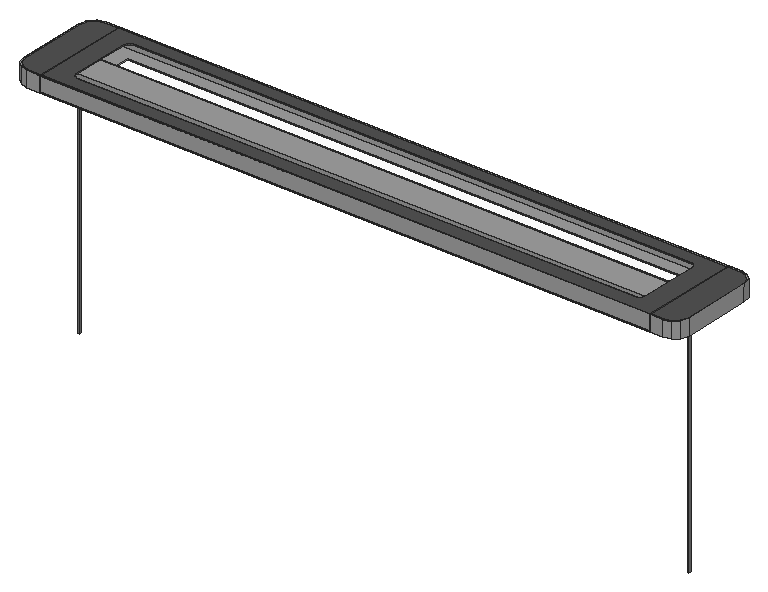
Revit family
Parameters (values of type "4806F02BG")
  Wattage Comments = "Apparent load does not include ballast load"
  Wattage = 9.2903 W
  built-in parameter 1150110 = 1 (stored number, unit not read)
  URL = "http://www.ledalite.com/products/float/ "
  built-in parameter 1114217 = 1 (stored number, unit not read)
  Tilt Angle = -90.00°
  built-in parameter 1150109 = 1 (stored number, unit not read)
  built-in parameter 1150134 = 9
  built-in parameter 1150113 = 1 (stored number, unit not read)
  Right Cable Visible [instance] = yes
  Model Date = "19 Nov 2009"
  Meso Optic Color = Meso Optic Black
  Right endcap vis [instance] = yes
  Photometric Web File = "4806F02BG.ies"
  Model = "Float 4806 F02"
  Mfr. Catalog # = ""
  Manufacturer = "Ledalite"
  built-in parameter 1150105 = 109.82 (stored number, unit not read)
  Lumens = 1380 lm
  built-in parameter 1150115 = 1 (stored number, unit not read)
  built-in parameter 1150137 = (empty or 0)
  built-in parameter 1150139 = (empty or 0)
  Left endcap vis [instance] = yes
  Left Cable Visible [instance] = yes
  Lamp Wattage = 28 W
  built-in parameter 1150112 = 1 (stored number, unit not read)
  Lamp Quantity = 2
  built-in parameter 1150114 = 1 (stored number, unit not read)
  Lamp Code = ""
  Lamp = "T5"
  Input Voltage = 0 VA
  built-in parameter 1150132 = (empty or 0)
  built-in parameter 1150102 = (empty or 0)
  built-in parameter 1150107 = 3450 (stored number, unit not read)
  built-in parameter 1150138 = (empty or 0)
  built-in parameter 1150106 = 1.0982 (stored number, unit not read)
  For runs of 8 ft or longer = "check/uncheck left/right element visibility checkboxes to show only needed end caps, cable mounts, sensor symbols"
  Emit from Rectangle Width = 0' - 5 1/2"
  Emit from Rectangle Length = 3' - 8 3/4"
  Emit Shape Visible in Rendering = yes
  built-in parameter 1150104 = 13.8 (stored number, unit not read)
  Dimming Lamp Color Temperature Shift = (empty or 0)
  Default Elevation = 8' - 0"
  Daylight Sensor Visible [instance] = yes
  Color Filter = 16777215
  Color & Finish [instance] = Fixture Housing
  Cable Length [instance] = 1' - 6"
  Cable = Cable
  built-in parameter 1114218 = 1 (stored number, unit not read)
  built-in parameter 1150133 = 10 (stored number, unit not read)
  Apparent Load = Lamp Wattage * Lamp Quantity  # 56 VA
Types (13): name | Meso Optic Color | Photometric Web File | Model | Lamp Wattage | Lamp | Apparent Load
  (no name) | Meso Optic Black | "4806F02BG.ies" | "Float 4806 F02" | 28 W | "T5" | 56 VA
  4806F02WG | Meso Optic White | "4806F02WG.ies" | "Float 4806 F02" | 28 W | "T5" | 56 VA
  4806F02BG | Meso Optic Black | "4806F02BG.ies" | "Float 4806 F02" | 28 W | "T5" | 56 VA
  4806F02BJ | Meso Optic Black | "4806F02BJ.ies" | "Float 4806 F02" | 28 W | "T5" | 56 VA
  4806F02BN | Meso Optic Black | "4806F02BN.ies" | "Float 4806 F02" | 28 W | "T5" | 56 VA
  4806F02WJ | Meso Optic White | "4806F02WJ.ies" | "Float 4806 F02" | 28 W | "T5" | 56 VA
  4806F02WN | Meso Optic White | "4806F02WN.ies" | "Float 4806 F02" | 28 W | "T5" | 56 VA
  4806H02BG | Meso Optic Black | "4806H02BG.ies" | "Float 4806 H02" | 54 W | "T5HO" | 108 VA
  4806H02BJ | Meso Optic Black | "4806H02BJ.ies" | "Float 4806 H02" | 54 W | "T5HO" | 108 VA
  4806H02BN | Meso Optic Black | "4806H02BN.ies" | "Float 4806 H02" | 54 W | "T5HO" | 108 VA
  4806H02WG | Meso Optic White | "4806H02WG.ies" | "Float 4806 H02" | 54 W | "T5HO" | 108 VA
  4806H02WN | Meso Optic White | "4806H02WN.ies" | "Float 4806 H02" | 54 W | "T5HO" | 108 VA
  4806H02WJ | Meso Optic White | "4806H02WJ.ies" | "Float 4806 H02" | 54 W | "T5HO" | 108 VA
Reference planes (in)
  plane 1 "Center (Front/Back)": y = 0
  plane 2: z = 0
  plane 3 "Left": x = 0
  plane 4 "Right": x = 48
  plane 5: y = 3.875
  plane 6: y = -3.875
  plane 7 "Top of fixture": z = 18.625
  plane 8 "Inside Left": x = 1.625
  plane 9 "Inside Right": x = 46.375
  plane 10: y = 2.75
  plane 11: y = -2.75
  plane 12 "top of bottom surface": z = 19.8125
  plane 13: x = 24
  plane 14 "Light Source Level": z = 19.125
  plane 15 "Underside of top surface": z = 18.6875
  plane 16 "Bottom of Fixture": z = 19.875
  plane 17 "Top of ballast housing": z = 18
  plane 18 "Inside front edge": y = 3.8125
  plane 19: y = -3.8125
Forms (in)
  Extrusion 1, solid, not visible
    sketch origin (24, 0, 0) x (1, 0, 0) y (0, 1, 0)
      loop
        line (-48, 48) -> (-48, -48) -> (48, -48) -> (48, 48) -> (-48, 48)
    from 0 to -0.5
  Extrusion 2, solid, material "Fixture Housing" <- "Color & Finish"
    sketch origin (0, 0.57813, 1.78125) x (0, 1, 0) y (0, 0, 1)
      loop
        line (3.23941, 18.09375) -> (3.23941, 16.84375) -> (3.29687, 16.84375) -> (3.29687, 18.09375) -> (3.23941, 18.09375)
      loop
        line (0.61273, 17.28125) -> (0.54868, 17.28125) -> (-1.76283, 17.28125) -> (-1.67684, 16.21875) -> (0.52673, 16.21875) -> (0.61273, 17.28125)
      loop
        line (-4.40514, 16.84375) -> (-4.40514, 18.09375) -> (-4.45313, 18.09375) -> (-4.45313, 16.84375) -> (-4.40514, 16.84375)
    from 0 to 48
  Extrusion 3, solid, material "Meso Optic Black" <- "Meso Optic Color"
    sketch origin (0, 0, 2.375) x (1, 0, 0) y (0, 1, 0)
      loop
        line (46.375, 0) -> (46.375, 2.36429) -> (46.32352, 2.55642) -> (46.18142, 2.69852) -> (45.98929, 2.75) -> (2.01071, 2.75) -> (1.81858, 2.69852) -> (1.67648, 2.55642) -> (1.625, 2.36429) -> (1.625, 0) -> (1.625, -2.35815) -> (1.67648, -2.55027) -> (1.81858, -2.69237) -> (2.01071, -2.74385) -> (45.98929, -2.74385) -> (46.18142, -2.69237) -> (46.32352, -2.55027) -> (46.375, -2.35815) -> (46.375, 0)
      loop
        line (0, 3.8125) -> (0, -3.8125) -> (48, -3.8125) -> (48, 3.8125) -> (0, 3.8125)
    from 17.4375 to 17.5
  Extrusion 4, solid, material "Fixture Housing" <- "Color & Finish", visible <- "Left endcap vis"
    sketch origin (0, -0.00026, 8.58594) x (1, 0, 0) y (0, 1, 0)
      loop
        line (0, 3.87526) -> (-1.04994, 3.87526) -> (-1.60177, 3.7274) -> (-2.02807, 3.30109) -> (-2.1875, 2.70609) -> (-2.1875, -2.70609) -> (-2.02807, -3.30109) -> (-1.60177, -3.7274) -> (-1.05187, -3.87474) -> (0, -3.87474) -> (0, -3.80917) -> (-1.05511, -3.80917) -> (-1.56941, -3.67136) -> (-1.97203, -3.26874) -> (-2.125, -2.69787) -> (-2.125, 2.69787) -> (-1.97203, 3.26874) -> (-1.56941, 3.67136) -> (-1.04171, 3.81276) -> (0, 3.81276) -> (0, 3.87526)
    from 10.03906 to 11.28906
  Blend 5, solid, material "Fixture Housing" <- "Color & Finish", visible <- "Left endcap vis"
    base sketch origin (0.06146, -0.00553, 8.58594) x (1, 0, 0) y (0, 1, 0)
      loop
        line (-0.50055, 1.09876) -> (-0.50055, -1.09876) -> (-0.4501, -1.18615) -> (-0.35879, -1.23887) -> (-0.06146, -1.23887) -> (-0.06146, 1.23887) -> (-0.35879, 1.23887) -> (-0.4501, 1.18615) -> (-0.50055, 1.09876)
    top sketch origin (0.06146, -0.00553, 8.58594) x (1, 0, 0) y (0, 1, 0)
      loop
        line (-0.06146, -2.34184) -> (-0.06146, 2.28316) -> (-0.82099, 2.28316) -> (-1.19294, 2.06842) -> (-1.40769, 1.69647) -> (-1.40769, -1.75514) -> (-1.19294, -2.12709) -> (-0.82099, -2.34184) -> (-0.06146, -2.34184)
    from 9.41406 to 10.03906
  Blend 6, solid, material "Fixture Housing" <- "Color & Finish", visible <- "Right endcap vis"
    base sketch origin (47.93854, 0.00114, 8.58594) x (-1, 0, 0) y (0, -1, 0)
      loop
        line (-0.50055, 1.09876) -> (-0.50055, -1.09876) -> (-0.4501, -1.18615) -> (-0.35879, -1.23887) -> (-0.06146, -1.23887) -> (-0.06146, 1.23887) -> (-0.35879, 1.23887) -> (-0.4501, 1.18615) -> (-0.50055, 1.09876)
    top sketch origin (47.93854, 0.00114, 8.58594) x (-1, 0, 0) y (0, -1, 0)
      loop
        line (-0.06146, -2.34184) -> (-0.06146, 2.28316) -> (-0.82099, 2.28316) -> (-1.19294, 2.06842) -> (-1.40769, 1.69647) -> (-1.40769, -1.75514) -> (-1.19294, -2.12709) -> (-0.82099, -2.34184) -> (-0.06146, -2.34184)
    from 9.41406 to 10.03906
  Extrusion 7, solid, material "Optics"
    sketch origin (0, 0, 0) x (0, 1, 0) y (0, 0, 1)
      loop
        line (3.81753, 18.61465) -> (3.81753, 18.65843) -> (-3.82701, 18.65843) -> (-3.82701, 18.61465) -> (3.81753, 18.61465)
    from 0 to 48
  Extrusion 8, solid, material "Fixture Housing"
    sketch origin (0, 0, 0.625) x (1, 0, 0) y (0, 1, 0)
      loop
        line (1.625, 0) -> (1.625, 2.75) -> (46.375, 2.75) -> (46.375, 0) -> (48, 0) -> (48, 3.875) -> (0, 3.875) -> (0, 0) -> (1.625, 0)
    from 18 to 18.0625
  Extrusion 9, solid, material "Fixture Housing"
    sketch origin (0, 0.00615, 0.9375) x (1, 0, 0) y (0, 1, 0)
      loop
        line (1.625, -0.00615) -> (0, -0.00615) -> (0, -3.88115) -> (48, -3.88115) -> (48, -0.00615) -> (46.375, -0.00615) -> (46.375, -2.75615) -> (1.625, -2.75615) -> (1.625, -0.00615)
    from 17.6875 to 17.75
  Extrusion 10, solid, material "Translucent Acrylic"
    sketch origin (0, 0, 4.47093) x (1, 0, 0) y (0, 1, 0)
      loop
        line (2.01071, 2.75) -> (1.81858, 2.69852) -> (1.67648, 2.55642) -> (1.625, 2.36429) -> (1.625, -2.35815) -> (1.67648, -2.55027) -> (1.81858, -2.69237) -> (2.03365, -2.75) -> (45.96635, -2.75) -> (46.18142, -2.69237) -> (46.32352, -2.55027) -> (46.375, -2.35815) -> (46.375, 2.36429) -> (46.32352, 2.55642) -> (46.18142, 2.69852) -> (45.98929, 2.75) -> (2.01071, 2.75)
    from 15.34157 to 15.40407
  Extrusion 11, solid, material "Cable" <- "Cable", visible <- "Right Cable Visible"
    sketch origin (48, 0, 0) x (-1, 0, 0) y (0, -1, 0)
      loop
        line (-0.0614, 0.0614) -> (-0.0614, -0.06668) -> (0.0636, -0.06668) -> (0.0636, 0.0614) -> (-0.0614, 0.0614)
    from 0 to 18
  Extrusion 12, solid, material "Cable" <- "Cable", visible <- "Left Cable Visible"
    sketch origin (0, 0, 0) x (1, 0, 0) y (0, 1, 0)
      loop
        line (-0.0614, -0.0614) -> (0.0636, -0.0614) -> (0.0636, 0.06668) -> (-0.0614, 0.06668) -> (-0.0614, -0.0614)
    from 0 to 18
  Extrusion 13, solid, material "Meso Optic Black" <- "Meso Optic Color", visible <- "Left endcap vis"
    sketch origin (0, 0, 0) x (1, 0, 0) y (0, 1, 0)
      loop
        line (0, 3.8125) -> (-1.04171, 3.8125) -> (-1.56941, 3.6711) -> (-1.97203, 3.26848) -> (-2.125, 2.69761) -> (-2.125, -2.69812) -> (-1.97203, -3.269) -> (-1.56941, -3.67162) -> (-1.05511, -3.80943) -> (0, -3.80943) -> (0, 3.8125)
    from 19.8125 to 19.875
  Extrusion 14, solid, material "Fixture Housing" <- "Color & Finish", visible <- "Right endcap vis"
    sketch origin (48, -0.00026, 8.58594) x (-1, 0, 0) y (0, -1, 0)
      loop
        line (0, -3.87526) -> (0, -3.81276) -> (-1.04171, -3.81276) -> (-1.56941, -3.67136) -> (-1.97203, -3.26874) -> (-2.125, -2.69787) -> (-2.125, 2.69787) -> (-1.97203, 3.26874) -> (-1.56941, 3.67136) -> (-1.05511, 3.80917) -> (0, 3.80917) -> (0, 3.87474) -> (-1.05187, 3.87474) -> (-1.60177, 3.7274) -> (-2.02807, 3.30109) -> (-2.1875, 2.70609) -> (-2.1875, -2.70609) -> (-2.02807, -3.30109) -> (-1.60177, -3.7274) -> (-1.04994, -3.87526) -> (0, -3.87526)
    from 10.03906 to 11.28906
  Extrusion 15, solid, material "Meso Optic Black" <- "Meso Optic Color", visible <- "Right endcap vis"
    sketch origin (0, 0, 0) x (1, 0, 0) y (0, 1, 0)
      loop
        line (48, -3.80943) -> (49.04171, -3.80943) -> (49.56941, -3.66803) -> (49.97203, -3.26541) -> (50.125, -2.69453) -> (50.125, 2.7012) -> (49.97203, 3.27207) -> (49.56941, 3.67469) -> (49.05511, 3.8125) -> (48, 3.8125) -> (48, -3.80943)
    from 19.8125 to 19.875
  Extrusion 16, solid, material "Fixture Housing" <- "Color & Finish", visible <- "Left endcap vis"
    sketch origin (0, 0, 0) x (1, 0, 0) y (0, 1, 0)
      loop
        line (0, 3.8125) -> (-1.04171, 3.8125) -> (-1.56941, 3.6711) -> (-1.97203, 3.26848) -> (-2.125, 2.69761) -> (-2.125, -2.69812) -> (-1.97203, -3.269) -> (-1.56941, -3.67162) -> (-1.05511, -3.80943) -> (0, -3.80943) -> (0, 3.8125)
    from 18.625 to 18.6875
  Extrusion 17, solid, material "Fixture Housing" <- "Color & Finish", visible <- "Right endcap vis"
    sketch origin (0, 0, 0) x (1, 0, 0) y (0, 1, 0)
      loop
        line (48, -3.80943) -> (49.04171, -3.80943) -> (49.56941, -3.66803) -> (49.97203, -3.26541) -> (50.125, -2.69453) -> (50.125, 2.7012) -> (49.97203, 3.27207) -> (49.56941, 3.67469) -> (49.05511, 3.8125) -> (48, 3.8125) -> (48, -3.80943)
    from 18.625 to 18.6875
Lines and regions (in)
  symbolic lines, visible <- "Daylight Sensor Visible"
    curve 1: circle (1.625, 0, 0) r 0.5 normal (0, 0, 1)
Dimensions and locks (in)
  locked: plane 3 "Left" to plane 4 "Right" at 48
  equal spacing: plane 5, plane 1 "Center (Front/Back)", plane 6
  locked: plane 5 to plane 6 at 7.75
  plane 5 to plane 10 = 0' - 1 1/8"
  plane 11 to plane 6 = 0' - 1 1/8"
  plane 3 "Left" to plane 8 "Inside Left" = 0' - 1 5/8"  (x2)
  equal spacing: plane 8 "Inside Left", plane 13, plane 9 "Inside Right", locked at 22.375 each
  plane 9 "Inside Right" to plane 4 "Right" = 0' - 1 5/8"
  locked: plane 16 "Bottom of Fixture" to plane 12 "top of bottom surface" at 0.0625
  locked: plane 15 "Underside of top surface" to plane 7 "Top of fixture" at 0.0625
  locked: plane 16 "Bottom of Fixture" to plane 7 "Top of fixture" at 1.25
  locked: plane 14 "Light Source Level" to plane 7 "Top of fixture" at 0.5
  locked: plane 7 "Top of fixture" to plane 17 "Top of ballast housing" at 0.625
  "Cable Length": plane 17 "Top of ballast housing" to plane 2
  Extrusion 11 to Extrusion 15 = 0' - 2.1886"
  locked: plane 5 to plane 18 "Inside front edge" at 0.0625
  locked: plane 19 to plane 6 at 0.0625
  aligned and locked: Extrusion 1 to plane 2
  aligned and locked: plane 3 "Left" to Extrusion 2
  aligned and locked: Extrusion 4 to plane 7 "Top of fixture"
  aligned and locked: plane 7 "Top of fixture" to Blend 5
  aligned and locked: Blend 6 to plane 4 "Right"  (x2)
  aligned and locked: plane 7 "Top of fixture" to Blend 6
  aligned and locked: plane 3 "Left" to nested 1
  aligned and locked: plane 3 "Left" to nested 2
  aligned and locked: nested 3 to plane 4 "Right"
  aligned and locked: Extrusion 8 to plane 3 "Left"
  aligned and locked: plane 1 "Center (Front/Back)" to Extrusion 8  (x2)
  aligned and locked: plane 8 "Inside Left" to Extrusion 8
  aligned and locked: plane 5 to Extrusion 8
  aligned and locked: plane 4 "Right" to Extrusion 8
  aligned and locked: Extrusion 8 to plane 9 "Inside Right"
  aligned and locked: Extrusion 8 to plane 10
  aligned and locked: Extrusion 9 to plane 3 "Left"
  aligned and locked: Extrusion 9 to plane 1 "Center (Front/Back)"  (x2)
  aligned and locked: plane 8 "Inside Left" to Extrusion 9
  aligned and locked: plane 11 to Extrusion 9
  aligned and locked: Extrusion 9 to plane 9 "Inside Right"
  aligned and locked: plane 4 "Right" to Extrusion 9
  aligned and locked: Extrusion 9 to plane 6
  aligned and locked: plane 15 "Underside of top surface" to Extrusion 8
  aligned and locked: Extrusion 8 to plane 7 "Top of fixture"
  aligned and locked: plane 15 "Underside of top surface" to Extrusion 9
  aligned and locked: Extrusion 9 to plane 7 "Top of fixture"
  aligned and locked: plane 5 to Extrusion 4
  aligned and locked: Extrusion 10 to plane 12 "top of bottom surface"
  aligned and locked: Extrusion 11 to plane 2
  aligned and locked: plane 3 "Left" to Blend 5
  aligned and locked: plane 14 "Light Source Level" to imposter light
  aligned and locked: plane 16 "Bottom of Fixture" to Extrusion 2  (x2)
  aligned and locked: plane 16 "Bottom of Fixture" to Extrusion 4
  aligned and locked: plane 16 "Bottom of Fixture" to Extrusion 10
  aligned and locked: plane 16 "Bottom of Fixture" to Extrusion 3
  aligned and locked: Extrusion 3 to plane 12 "top of bottom surface"
  aligned and locked: Extrusion 4 to plane 16 "Bottom of Fixture"  (x4)
  aligned and locked: Extrusion 2 to plane 7 "Top of fixture"
  aligned and locked: plane 7 "Top of fixture" to Extrusion 4  (x4)
  aligned and locked: Extrusion 9 to plane 15 "Underside of top surface"
  aligned and locked: Extrusion 2 to plane 16 "Bottom of Fixture"
  aligned and locked: Extrusion 2 to plane 17 "Top of ballast housing"
  aligned and locked: plane 17 "Top of ballast housing" to Extrusion 2  (x2)
  aligned and locked: plane 17 "Top of ballast housing" to Extrusion 12
  aligned and locked: plane 17 "Top of ballast housing" to Extrusion 11
  aligned and locked: Blend 5 to plane 17 "Top of ballast housing"
  aligned and locked: Blend 6 to plane 17 "Top of ballast housing"
  aligned and locked: Extrusion 2 sketch curve to plane 7 "Top of fixture"
  aligned and locked: plane 3 "Left" to Extrusion 3 sketch curve
  aligned and locked: Extrusion 3 sketch curve to plane 4 "Right"
  aligned and locked: Extrusion 7 to Extrusion 4 sketch curve
  aligned and locked: plane 5 to Extrusion 4 sketch curve
  aligned and locked: Extrusion 4 sketch curve to plane 6
  aligned and locked: Extrusion 13 sketch curve to plane 3 "Left"
  aligned and locked: plane 16 "Bottom of Fixture" to Extrusion 13
  aligned and locked: Extrusion 13 to plane 12 "top of bottom surface"
  aligned and locked: Extrusion 14 sketch curve to plane 4 "Right"  (x2)
  aligned and locked: plane 4 "Right" to Extrusion 15 sketch curve
  aligned and locked: plane 16 "Bottom of Fixture" to Extrusion 15
  aligned and locked: Extrusion 15 to plane 12 "top of bottom surface"
  aligned and locked: Extrusion 14 to plane 7 "Top of fixture"
  aligned and locked: plane 16 "Bottom of Fixture" to Extrusion 14
  aligned and locked: Extrusion 16 sketch curve to plane 3 "Left"
  aligned and locked: plane 15 "Underside of top surface" to Extrusion 16
  aligned and locked: Extrusion 16 to plane 7 "Top of fixture"
  aligned and locked: plane 4 "Right" to Extrusion 17 sketch curve
  aligned and locked: plane 15 "Underside of top surface" to Extrusion 17
  aligned and locked: Extrusion 17 to plane 7 "Top of fixture"
  aligned and locked: Extrusion 3 sketch curve to plane 18 "Inside front edge"
  aligned and locked: Extrusion 3 sketch curve to plane 19
Automatic sketch dimensions
  Extrusion 1 sketch curve to Extrusion 1 sketch curve = 8' - 0"  (x2)
  Extrusion 2 sketch curve to plane 6 = 0' - 0"
  Extrusion 2 sketch curve to plane 16 "Bottom of Fixture" = 0' - 0"  (x2)
  Extrusion 2 sketch curve to plane 7 "Top of fixture" = 0' - 0"
  Extrusion 2 sketch curve to plane 17 "Top of ballast housing" = 0' - 0"
  Extrusion 2 sketch curve to plane 5 = 0' - 0"
  Extrusion 2 sketch curve to Extrusion 2 sketch curve = 0' - 0.04799"
  Extrusion 2 sketch curve to plane 14 "Light Source Level" = 0' - 0 1/16"
  plane 1 "Center (Front/Back)" to Extrusion 2 sketch curve = 0' - 1.1847"
  Extrusion 2 sketch curve to Extrusion 2 sketch curve = 0' - 0.08599"
  Extrusion 2 sketch curve to plane 1 "Center (Front/Back)" = 0' - 1.10486"
  Extrusion 2 sketch curve to Extrusion 2 sketch curve = 0' - 0.02194"
  Extrusion 2 sketch curve to Extrusion 2 sketch curve = 0' - 0.06405"
  Extrusion 2 sketch curve to plane 5 = 0' - 0.05747"
  Extrusion 4 sketch curve to plane 3 "Left" = 0' - 0"
  Extrusion 4 sketch curve to plane 5 = 0' - 0 1/16"
  Extrusion 4 sketch curve to plane 3 "Left" = 0' - 1.04171"
  Extrusion 4 sketch curve to Extrusion 4 sketch curve = 0' - 0.00823"
  Extrusion 4 sketch curve to plane 3 "Left" = 0' - 1.05187"
  Extrusion 4 sketch curve to Extrusion 4 sketch curve = 0' - 0.00324"
  plane 6 to Extrusion 4 sketch curve = 0' - 0.20338"
  Extrusion 4 sketch curve to Extrusion 4 sketch curve = 0' - 0.5143"
  Extrusion 4 sketch curve to plane 5 = 0' - 0.2039"
  Extrusion 4 sketch curve to Extrusion 4 sketch curve = 0' - 0.5277"
  plane 6 to Extrusion 4 sketch curve = 0' - 0.14734"
  Extrusion 4 sketch curve to Extrusion 4 sketch curve = 0' - 0.03235"  (x2)
  Extrusion 4 sketch curve to plane 5 = 0' - 0.14786"
  Extrusion 4 sketch curve to plane 11 = 0' - 0.519"
  Extrusion 4 sketch curve to Extrusion 4 sketch curve = 0' - 0.40262"  (x2)
  plane 10 to Extrusion 4 sketch curve = 0' - 0.51848"
  Extrusion 4 sketch curve to plane 11 = 0' - 0.55135"
  Extrusion 4 sketch curve to Extrusion 4 sketch curve = 0' - 0.05604"  (x2)
  plane 10 to Extrusion 4 sketch curve = 0' - 0.55083"
  Extrusion 4 sketch curve to plane 10 = 0' - 0.05239"
  Extrusion 4 sketch curve to Extrusion 4 sketch curve = 0' - 0.15297"
  Extrusion 4 sketch curve to plane 10 = 0' - 0.04416"
  Extrusion 4 sketch curve to Extrusion 4 sketch curve = 0' - 0 1/16"
  plane 6 to Extrusion 4 sketch curve = 0' - 0.06557"
  plane 11 to Extrusion 4 sketch curve = 0' - 0.04365"
  plane 11 to Extrusion 4 sketch curve = 0' - 0.05188"
  Blend 5 sketch curve to plane 3 "Left" = 0' - 0"  (x2)
  Blend 5 sketch curve to Blend 5 sketch curve = 0' - 0.29733"  (x2)
  Blend 5 sketch curve to Blend 5 sketch curve = 0' - 0.09131"  (x2)
  Blend 5 sketch curve to Blend 5 sketch curve = 0' - 0.05046"
  plane 1 "Center (Front/Back)" to Blend 5 sketch curve = 0' - 1.2444"
  Blend 5 sketch curve to Blend 5 sketch curve = 0' - 0.05272"  (x2)
  Blend 5 sketch curve to Blend 5 sketch curve = 0' - 0.08739"  (x2)
  Blend 5 sketch curve to plane 1 "Center (Front/Back)" = 0' - 1.09323"
  Blend 5 sketch curve to Blend 5 sketch curve = 0' - 0.75954"  (x2)
  Blend 5 sketch curve to Blend 5 sketch curve = 0' - 0.37195"  (x4)
  Blend 5 sketch curve to Blend 5 sketch curve = 0' - 0.21475"  (x2)
  plane 11 to Blend 5 sketch curve = 0' - 0.40263"
  Blend 5 sketch curve to plane 10 = 0' - 1.05906"
  Blend 5 sketch curve to plane 10 = 0' - 0.47237"
  Blend 6 sketch curve to plane 4 "Right" = 0' - 0"  (x2)
  Blend 6 sketch curve to Blend 6 sketch curve = 0' - 0.29733"  (x2)
  Blend 6 sketch curve to Blend 6 sketch curve = 0' - 0.09131"  (x2)
  Blend 6 sketch curve to Blend 6 sketch curve = 0' - 0.05046"
  Blend 6 sketch curve to plane 1 "Center (Front/Back)" = 0' - 1.24001"
  Blend 6 sketch curve to Blend 6 sketch curve = 0' - 0.05272"  (x2)
  Blend 6 sketch curve to Blend 6 sketch curve = 0' - 0.08739"  (x2)
  plane 1 "Center (Front/Back)" to Blend 6 sketch curve = 0' - 1.09762"
  Blend 6 sketch curve to Blend 6 sketch curve = 0' - 0.75954"  (x2)
  Blend 6 sketch curve to Blend 6 sketch curve = 0' - 0.37195"  (x4)
  Blend 6 sketch curve to Blend 6 sketch curve = 0' - 0.21475"  (x2)
  Blend 6 sketch curve to plane 10 = 0' - 0.40702"
  plane 11 to Blend 6 sketch curve = 0' - 1 7/128"
  plane 11 to Blend 6 sketch curve = 0' - 0.46798"
  Extrusion 7 sketch curve to plane 7 "Top of fixture" = 0' - 0.01035"
  plane 6 to Extrusion 7 sketch curve = 0' - 0.04799"
  Extrusion 7 sketch curve to plane 5 = 0' - 0.05747"
  Extrusion 7 sketch curve to plane 15 "Underside of top surface" = 0' - 0.02907"
  Extrusion 8 sketch curve to plane 1 "Center (Front/Back)" = 0' - 0"  (x2)
  Extrusion 8 sketch curve to plane 3 "Left" = 0' - 0"
  Extrusion 8 sketch curve to plane 8 "Inside Left" = 0' - 0"
  Extrusion 8 sketch curve to plane 9 "Inside Right" = 0' - 0"
  Extrusion 8 sketch curve to plane 4 "Right" = 0' - 0"
  Extrusion 8 sketch curve to plane 10 = 0' - 0"
  Extrusion 8 sketch curve to plane 5 = 0' - 0"
  Extrusion 9 sketch curve to plane 1 "Center (Front/Back)" = 0' - 0"  (x2)
  Extrusion 9 sketch curve to plane 3 "Left" = 0' - 0"
  Extrusion 9 sketch curve to plane 8 "Inside Left" = 0' - 0"
  Extrusion 9 sketch curve to plane 9 "Inside Right" = 0' - 0"
  Extrusion 9 sketch curve to plane 4 "Right" = 0' - 0"
  Extrusion 9 sketch curve to plane 11 = 0' - 0"
  Extrusion 9 sketch curve to plane 6 = 0' - 0"
  Extrusion 10 sketch curve to plane 8 "Inside Left" = 0' - 0"
  Extrusion 10 sketch curve to plane 10 = 0' - 0"
  Extrusion 10 sketch curve to plane 11 = 0' - 0"
  Extrusion 10 sketch curve to plane 9 "Inside Right" = 0' - 0"
  plane 8 "Inside Left" to Extrusion 10 sketch curve = 0' - 0.05148"  (x2)
  plane 11 to Extrusion 10 sketch curve = 0' - 0.05763"  (x2)
  plane 8 "Inside Left" to Extrusion 10 sketch curve = 0' - 0.19358"  (x2)
  Extrusion 10 sketch curve to plane 10 = 0' - 0.05148"  (x2)
  Extrusion 10 sketch curve to Extrusion 10 sketch curve = 0' - 0.19212"  (x3)
  Extrusion 10 sketch curve to Extrusion 10 sketch curve = 0' - 0.21507"
  Extrusion 10 sketch curve to plane 9 "Inside Right" = 0' - 0.40865"
  Extrusion 10 sketch curve to plane 9 "Inside Right" = 0' - 0.38571"
  Extrusion 10 sketch curve to plane 9 "Inside Right" = 0' - 0.19358"  (x2)
  Extrusion 10 sketch curve to plane 9 "Inside Right" = 0' - 0.05148"  (x2)
  plane 11 to Extrusion 10 sketch curve = 0' - 0.19973"  (x2)
  Extrusion 10 sketch curve to plane 10 = 0' - 0.38571"  (x2)
  Extrusion 10 sketch curve to plane 10 = 0' - 0.19358"  (x2)
  Extrusion 11 sketch curve to plane 4 "Right" = 0' - 0.0614"
  plane 4 "Right" to Extrusion 11 sketch curve = 0' - 0.0636"
  Extrusion 11 sketch curve to plane 1 "Center (Front/Back)" = 0' - 0.0614"
  plane 1 "Center (Front/Back)" to Extrusion 11 sketch curve = 0' - 0.06668"
  Extrusion 12 sketch curve to plane 3 "Left" = 0' - 0.0614"
  plane 3 "Left" to Extrusion 12 sketch curve = 0' - 0.0636"
  plane 1 "Center (Front/Back)" to Extrusion 12 sketch curve = 0' - 0.0614"
  Extrusion 12 sketch curve to plane 1 "Center (Front/Back)" = 0' - 0.06668"
  Extrusion 13 sketch curve to plane 5 = 0' - 0 1/16"
  Extrusion 13 sketch curve to plane 3 "Left" = 0' - 1.04171"
  plane 6 to Extrusion 13 sketch curve = 0' - 0.06557"
  Extrusion 13 sketch curve to plane 3 "Left" = 0' - 1.05511"
  plane 6 to Extrusion 13 sketch curve = 0' - 0.20338"
  Extrusion 13 sketch curve to Extrusion 13 sketch curve = 0' - 0.5143"
  Extrusion 13 sketch curve to plane 5 = 0' - 0.2039"
  Extrusion 13 sketch curve to Extrusion 13 sketch curve = 0' - 0.5277"
  Extrusion 13 sketch curve to plane 11 = 0' - 0.519"
  Extrusion 13 sketch curve to Extrusion 13 sketch curve = 0' - 0.40262"  (x2)
  plane 10 to Extrusion 13 sketch curve = 0' - 0.51848"
  Extrusion 13 sketch curve to plane 10 = 0' - 0.05239"
  Extrusion 13 sketch curve to Extrusion 13 sketch curve = 0' - 0.15297"
  plane 11 to Extrusion 13 sketch curve = 0' - 0.05188"
  Extrusion 14 sketch curve to plane 6 = 0' - 0"
  Extrusion 14 sketch curve to plane 5 = 0' - 0"
  Extrusion 14 sketch curve to plane 5 = 0' - 0 1/16"
  Extrusion 14 sketch curve to Extrusion 14 sketch curve = 0' - 1.04171"
  Extrusion 14 sketch curve to Extrusion 14 sketch curve = 0' - 0.00823"
  Extrusion 14 sketch curve to Extrusion 14 sketch curve = 0' - 1.05187"
  Extrusion 14 sketch curve to Extrusion 14 sketch curve = 0' - 0.00324"
  plane 6 to Extrusion 14 sketch curve = 0' - 0.20338"
  Extrusion 14 sketch curve to Extrusion 14 sketch curve = 0' - 0.5143"
  Extrusion 14 sketch curve to plane 5 = 0' - 0.2039"
  Extrusion 14 sketch curve to Extrusion 14 sketch curve = 0' - 0.5277"
  plane 6 to Extrusion 14 sketch curve = 0' - 0.14734"
  Extrusion 14 sketch curve to Extrusion 14 sketch curve = 0' - 0.03235"  (x2)
  Extrusion 14 sketch curve to plane 5 = 0' - 0.14786"
  Extrusion 14 sketch curve to plane 11 = 0' - 0.519"
  Extrusion 14 sketch curve to Extrusion 14 sketch curve = 0' - 0.40262"  (x2)
  plane 10 to Extrusion 14 sketch curve = 0' - 0.51848"
  Extrusion 14 sketch curve to plane 11 = 0' - 0.55135"
  Extrusion 14 sketch curve to Extrusion 14 sketch curve = 0' - 0.05604"  (x2)
  plane 10 to Extrusion 14 sketch curve = 0' - 0.55083"
  Extrusion 14 sketch curve to plane 10 = 0' - 0.05239"
  Extrusion 14 sketch curve to Extrusion 14 sketch curve = 0' - 0.15297"
  Extrusion 14 sketch curve to plane 10 = 0' - 0.04416"
  Extrusion 14 sketch curve to Extrusion 14 sketch curve = 0' - 0 1/16"
  plane 11 to Extrusion 14 sketch curve = 0' - 0.05188"
  plane 11 to Extrusion 14 sketch curve = 0' - 0.04365"
  plane 6 to Extrusion 14 sketch curve = 0' - 0.06557"
  plane 6 to Extrusion 15 sketch curve = 0' - 0.06557"
  Extrusion 15 sketch curve to Extrusion 15 sketch curve = 0' - 1.04171"
  Extrusion 15 sketch curve to plane 5 = 0' - 0 1/16"
  Extrusion 15 sketch curve to Extrusion 15 sketch curve = 0' - 1.05511"
  Extrusion 15 sketch curve to plane 5 = 0' - 0.20031"
  Extrusion 15 sketch curve to Extrusion 15 sketch curve = 0' - 0.5143"
  plane 6 to Extrusion 15 sketch curve = 0' - 0.20697"
  Extrusion 15 sketch curve to Extrusion 15 sketch curve = 0' - 0.5277"
  plane 10 to Extrusion 15 sketch curve = 0' - 0.52207"
  Extrusion 15 sketch curve to Extrusion 15 sketch curve = 0' - 0.40262"  (x2)
  Extrusion 15 sketch curve to plane 11 = 0' - 0.51541"
  plane 11 to Extrusion 15 sketch curve = 0' - 0.05547"
  Extrusion 15 sketch curve to Extrusion 15 sketch curve = 0' - 0.15297"
  Extrusion 15 sketch curve to plane 10 = 0' - 0.0488"
  Extrusion 16 sketch curve to plane 5 = 0' - 0 1/16"
  Extrusion 16 sketch curve to Extrusion 16 sketch curve = 0' - 1.04171"
  plane 6 to Extrusion 16 sketch curve = 0' - 0.06557"
  Extrusion 16 sketch curve to Extrusion 16 sketch curve = 0' - 1.05511"
  plane 6 to Extrusion 16 sketch curve = 0' - 0.20338"
  Extrusion 16 sketch curve to Extrusion 16 sketch curve = 0' - 0.5143"
  Extrusion 16 sketch curve to plane 5 = 0' - 0.2039"
  Extrusion 16 sketch curve to Extrusion 16 sketch curve = 0' - 0.5277"
  Extrusion 16 sketch curve to plane 11 = 0' - 0.519"
  Extrusion 16 sketch curve to Extrusion 16 sketch curve = 0' - 0.40262"  (x2)
  plane 10 to Extrusion 16 sketch curve = 0' - 0.51848"
  Extrusion 16 sketch curve to plane 10 = 0' - 0.05239"
  Extrusion 16 sketch curve to Extrusion 16 sketch curve = 0' - 0.15297"
  plane 11 to Extrusion 16 sketch curve = 0' - 0.05188"
  plane 6 to Extrusion 17 sketch curve = 0' - 0.06557"
  Extrusion 17 sketch curve to Extrusion 17 sketch curve = 0' - 1.04171"
  Extrusion 17 sketch curve to plane 5 = 0' - 0 1/16"
  Extrusion 17 sketch curve to Extrusion 17 sketch curve = 0' - 1.05511"
  Extrusion 17 sketch curve to plane 5 = 0' - 0.20031"
  Extrusion 17 sketch curve to Extrusion 17 sketch curve = 0' - 0.5143"
  plane 6 to Extrusion 17 sketch curve = 0' - 0.20697"
  Extrusion 17 sketch curve to Extrusion 17 sketch curve = 0' - 0.5277"
  plane 10 to Extrusion 17 sketch curve = 0' - 0.52207"
  Extrusion 17 sketch curve to Extrusion 17 sketch curve = 0' - 0.40262"  (x2)
  Extrusion 17 sketch curve to plane 11 = 0' - 0.51541"
  plane 11 to Extrusion 17 sketch curve = 0' - 0.05547"
  Extrusion 17 sketch curve to Extrusion 17 sketch curve = 0' - 0.15297"
  Extrusion 17 sketch curve to plane 10 = 0' - 0.0488"
  Extrusion 3 sketch curve to plane 1 "Center (Front/Back)" = 0' - 0"  (x2)
  Extrusion 3 sketch curve to plane 8 "Inside Left" = 0' - 0"
  Extrusion 3 sketch curve to plane 10 = 0' - 0"
  Extrusion 3 sketch curve to plane 9 "Inside Right" = 0' - 0"
  plane 8 "Inside Left" to Extrusion 3 sketch curve = 0' - 0.05148"  (x2)
  Extrusion 3 sketch curve to plane 10 = 0' - 0.05148"  (x2)
  plane 8 "Inside Left" to Extrusion 3 sketch curve = 0' - 0.19358"  (x2)
  plane 11 to Extrusion 3 sketch curve = 0' - 0.05763"  (x2)
  Extrusion 3 sketch curve to Extrusion 3 sketch curve = 0' - 0.19212"  (x4)
  plane 11 to Extrusion 3 sketch curve = 0' - 0.00615"
  Extrusion 3 sketch curve to plane 9 "Inside Right" = 0' - 0.38571"  (x2)
  Extrusion 3 sketch curve to plane 9 "Inside Right" = 0' - 0.19358"  (x2)
  Extrusion 3 sketch curve to plane 9 "Inside Right" = 0' - 0.05148"  (x2)
  plane 11 to Extrusion 3 sketch curve = 0' - 0.19973"  (x2)
  Extrusion 3 sketch curve to plane 10 = 0' - 0.38571"  (x2)
  Extrusion 3 sketch curve to plane 10 = 0' - 0.19358"  (x2)
  curve 1 to plane 1 "Center (Front/Back)" = 0' - 0"
  curve 1 to plane 8 "Inside Left" = 0' - 0"
  radius of curve 1 = 0' - 0 1/2"
Nested families (in)
  nested 1: "Float body 2D symbol" at (0, 0.00307, 0), type "Float body 2D symbol"
  nested 2: "Float cap 2D symbol" at (0, 0, 0), visible <- "Left endcap vis", type "Float cap 2D symbol"
  nested 3: "Float cap 2D symbol" at (48, 0, 0) x (-1, 0, 0) z (0, 0, 1), visible <- "Right endcap vis", type "Float cap 2D symbol"
Connectors (in)
  electrical at (24, 0.00307, 18)
    settings: on Extrusion 2, index 1
Definition of nested family "Float body 2D symbol"
  Reference planes (in)
    plane 1 "Center (Front/Back)": y = 0
    plane 2: z = 0
    plane 3 "Center (Left/Right)": x = 0
  Lines and regions (in)
    Filled region 1, type "Body White Fill", in view "Ref. Level"
      outline origin (0, 0, 0) x (1, 0, 0) y (0, 1, 0)
        loop
          line (0, 3.875) -> (0, -3.875) -> (48, -3.875) -> (48, 3.875) -> (0, 3.875)
  Dimensions and locks (in)
    Filled region 1 sketch curve to Filled region 1 sketch curve = 4' - 0"
    Filled region 1 sketch curve to Filled region 1 sketch curve = 0' - 7 3/4"
    aligned and locked: Filled region 1 to plane 3 "Center (Left/Right)"
Definition of nested family "Float cap 2D symbol"
  Reference planes (in)
    plane 1 "Center (Front/Back)": y = 0
    plane 2: z = 0
    plane 3 "Center (Left/Right)": x = 0
  Lines and regions (in)
    Filled region 1, type "Cap White Fill", in view "Ref. Level"
      outline origin (0.00056, -0.15894, 0) x (1, 0, 0) y (0, 1, 0)
        loop
          line (-0.00056, 4.03394) -> (-1.03903, 4.03394) -> (-1.60233, 3.883) -> (-2.02863, 3.4567) -> (-2.18806, 2.8617) -> (-2.18806, -2.55049) -> (-2.02863, -3.14549) -> (-1.60233, -3.57179) -> (-1.0639, -3.71606) -> (-0.00056, -3.71606) -> (-0.00056, 4.03394)
  Dimensions and locks (in)
    aligned and locked: plane 3 "Center (Left/Right)" to Filled region 1
